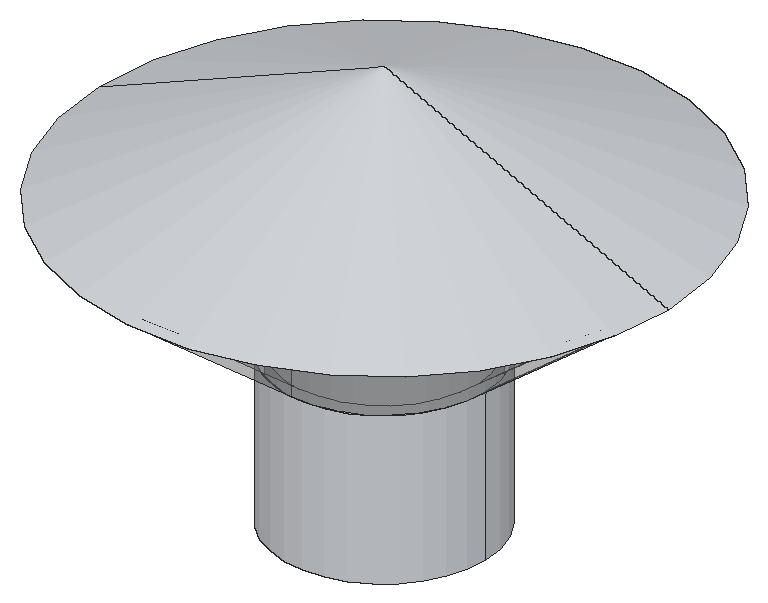
Revit family "Piesa capat de ventilatie", category Pipe Fittings, Revit 2019
Family settings
  Round Connector Dimension = Use Diameter
  Part Type = Cap
  OmniClass Number = 23.60.30.11.14
  OmniClass Title = Pipework Fittings
  Work Plane-Based = No
  Always vertical = No
  Cut with Voids When Loaded = No
  Shared = No
Parameters
  URL = "https://www.teraplast.ro/"
  Revizie [instance] = 1
  Material [instance] = PP (Polipropilena)
  Manufacturer = "Teraplast"
  LookupTable [instance] = "Piesa-capat-ventilatie"
  H2 [instance] = size_lookup(LookupTable, "H2", 0.00 mm, DN)  # 71.00 mm
  H1 [instance] = size_lookup(LookupTable, "H1", 0.00 mm, DN)  # 37.00 mm
  H [instance] = size_lookup(LookupTable, "H", 0.00 mm, DN)  # 100.00 mm
  Garnitura [instance] = 0
  Description = "Sistem de tevi si fitinguri din PP pentru canalizari interioare."
  DN [instance] = 50.00 mm
  D [instance] = size_lookup(LookupTable, "D", 0.00 mm, DN)  # 140.00 mm
  Cod Articol Teraplast [instance] = size_lookup(LookupTable, "", "n/a", DN)  # "FPE0151"
Reference planes
  plane 1 "Center (Front/Back)": y = 0
  plane 2: z = 0
  plane 3 "Center (Left/Right)": x = 0
  plane 4: x = -25
  plane 5: x = 25
  plane 6: x = -70
  plane 7: x = 70
  plane 8: z = 37
  plane 9: z = 71
  plane 10: z = 100
Forms (mm)
  Revolve 1, solid
    sketch origin (0, 0, 0) x (1, 0, 0) y (0, 0, 1)
      loop
        line (-25, 0) -> (-23, 0) -> (-23, 37.996) -> (-66.007, 70.49) -> (0, 97.835) -> (0, 100) -> (-70, 71) -> (-25, 37) -> (-25, 0)
      axis (0, 100) -> (0, 0)
    angle from 0 to 360
Dimensions and locks
  equal spacing: plane 5, plane 3 "Center (Left/Right)", plane 4
  "DN": plane 5 to plane 4
  equal spacing: plane 7, plane 3 "Center (Left/Right)", plane 6
  "D": plane 7 to plane 6
  "H1": plane 8 to level
  "H2": plane 9 to level
  "H": plane 10 to level
  locked: Revolve 1 sketch curve to Revolve 1 sketch curve at 2  (x2)
  locked: Revolve 1 sketch curve to plane 4 at 2
  aligned and locked: level to plane 2
  aligned and locked: plane 8 to Revolve 1 sketch curve
  aligned and locked: plane 4 to Revolve 1 sketch curve
  aligned and locked: level to Revolve 1 sketch curve
  aligned and locked: plane 6 to Revolve 1 sketch curve
  aligned and locked: plane 9 to Revolve 1 sketch curve
Automatic sketch dimensions
  Revolve 1 sketch curve to plane 3 "Center (Left/Right)" = 0.00 mm
  Revolve 1 sketch curve to plane 10 = 0.00 mm
Connectors
  piping at (0, 0, 0), diameter 50, driven by "DN"
    settings: on Revolve 1, index 1, connector inside diameter 609.6 mm, connector length 0.00 mm, flow factor 0, pipe flow 0.0 L/s, pressure drop 0.0 Pa, fitting loss kfactor 0, connector angle 0.00°, fixture units 0, engagement length 0.00 mm, angle of deflection 0.00°, flow configuration 0, flow direction 0, fitting loss method 0, system type 16, joint type 0, gender type 0, connector reference index -1, connector utility 0, adjustable connector no, is connector primary yes, connector description ""
